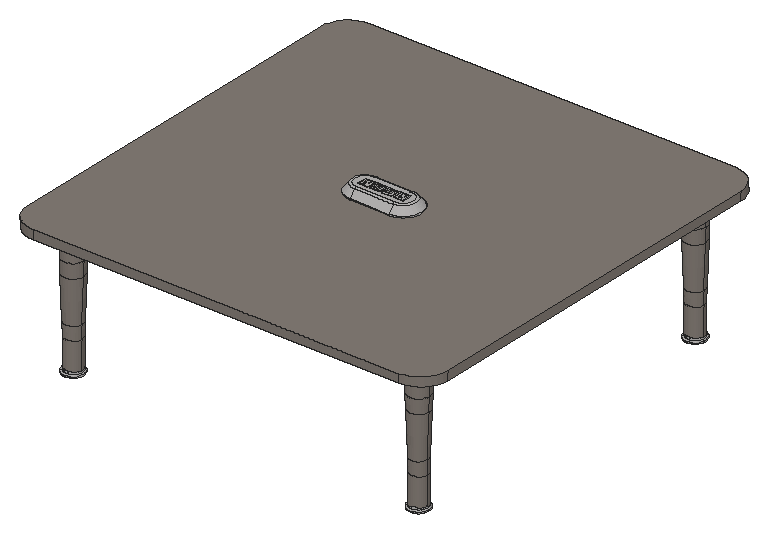
Revit family "Table-Teknion-Zones_ZNTWE-R2015", category Furniture, Revit 2015 (continued)
Definition of nested family "Support-Leg-Teknion-Zones_ZNTW_Plate-R2015"
  Automatic sketch dimensions
    Sweep 3 sketch curve to plane 1 "Center (Front/Back)" = 1.13119"
    Sweep 3 sketch curve to plane 1 "Center (Front/Back)" = 1.16919"
    Revolve 2 sketch curve to Revolve 2 sketch curve = 1.24377"  (x2)
    Revolve 1 sketch curve to level = 0"
    Revolve 1 sketch curve to Revolve 1 sketch curve = 0.14034"
    Revolve 1 sketch curve to Revolve 1 sketch curve = 0.08335"
    Revolve 1 sketch curve to Revolve 1 sketch curve = 0.11778"
    Revolve 1 sketch curve to Revolve 1 sketch curve = 0"
    Revolve 1 sketch curve to Revolve 1 sketch curve = 0.54872"
    Revolve 1 sketch curve to Revolve 1 sketch curve = 0.12228"
    Revolve 1 sketch curve to Revolve 1 sketch curve = 1.13963"
    plane 6 to Sweep 3 sketch curve = 0"
    radius of curve 1 = 1.18523"
    radius of curve 2 = 1.47501"
Definition of nested family "Accessory-Power_Pill-Teknion-Zones_ZNEP_Two_Modules-R2013"
  Parameters (values of type "2 Modules Power Pill")
    Width = 5.92"
    Warranty = "http://www.teknion.com/ca/papers/legal-canada"
    URL = "www.teknion.com"
    Sustainability Data = "http://www.teknion.com/ca/tools/assets#&asset=444deb64-fe58-4b68-981e-f75e97781df7,b4ff2d81-9f2e-437d-9659-7cffb09c31cf"
    Series = "Zones"
    SB Modules [instance] = not(SA Modules)  # no
    SA Modules [instance] = yes
    Product Page URL = "http://www.teknion.com/products/product-details?productLineId=b28c7a6e-8e7a-673b-a6c8-ff64004460c4"
    Product Line = "Zones"
    Product Documentation Link = "http://www.teknion.com/pricing/Zones/pdfs/ZNEP_ppg.pdf"
    Power Pill Finish [instance] = none
    Part Number = "ZNEP"
    Outlet Offset [instance] = if(SA Modules, 0", 1.076")  # 0"
    Model = "See Item Code"
    Manufacturer Phone = "416-661-3370"
    Manufacturer Fax = "416.661.4586"
    Manufacturer Contact Information = "http://www.teknion.com/ca/contactus"
    Manufacturer Address = "1150 Flint Road, Toronto, ON. M3J 2J5. Canada"
    Manufacturer = "Teknion"  # constant formula
    Item Code [instance] = if(SA Modules, "ZNEPSA120", "ZNEPSB120")  # "ZNEPSA120"
    Height = 2 1/8"
    Description = "Power Pill, 120in Length Of Cord"
    Depth = 3.82"
    Cap Height = 3/4"
    Auxiliary Width = 2.1"
    Assembly Code = "E2020200"
  Reference planes (in)
    plane 1 "Center F/B": y = 0
    plane 2: z = 0
    plane 3 "Center L/R": x = 0
    plane 4 "Left": x = -2.96
    plane 5 "Right": x = 2.96
    plane 6 "Back": y = 1.91
    plane 7 "Front": y = -1.91
    plane 8 "Top": z = 0.75
    plane 9 "Bottom": z = -1.375
    plane 10: x = -1.05
    plane 11: x = 1.05
    plane 12: y = 0
  Forms (in)
    Sweep 1, solid, material <- "Power Pill Finish"
      path origin (0, 0, 0) x (1, 0, 0) y (0, 0, 1)
        loop
          line (0, 0.75) -> (0, 0)
      profile origin (0, 0, 0.375) x (0, -1, 0) y (1, 0, 0)
        loop
          arc (-1.18092, -1.05) -> (0, -2.23092) -> (1.18092, -1.05) r 1.18092
          line (1.18092, -1.05) -> (1.18092, 1.05)
          arc (1.18092, 1.05) -> (0, 2.23092) -> (-1.18092, 1.05) r 1.18092
          line (-1.18092, 1.05) -> (-1.18092, -1.05)
    Sweep 2, solid, material <- "Power Pill Finish"
      path origin (0, 0, 0) x (1, 0, 0) y (0, 1, 0)
        loop
          line (1.05, 1.18092) -> (-1.05, 1.18092)
          arc (-1.05, 1.18092) -> (-2.23092, 0) -> (-1.05, -1.18092) r 1.18092
          line (-1.05, -1.18092) -> (1.05, -1.18092)
          arc (1.05, -1.18092) -> (2.23092, 0) -> (1.05, 1.18092) r 1.18092
      profile origin (0, 1.18092, 0) x (0, -1, 0) y (0, 0, 1)
        loop
          arc (0, 0.75) -> (-0.13236, 0.72083) -> (-0.23991, 0.63837) r 0.3125
          line (-0.23991, 0.63837) -> (-0.72068, 0.06542)
          arc (-0.72068, 0.06542) -> (-0.72626, 0.02299) -> (-0.69017, 0) r 0.03982
          line (-0.69017, 0) -> (0, 0) -> (0, 0.75)
    Sweep 3, void
      path origin (0, 0, 0) x (1, 0, 0) y (0, 0, 1)
        loop
          line (0, 0.75) -> (0, 0.561)
      profile origin (0, 0, 0.6555) x (0, -1, 0) y (1, 0, 0)
        loop
          arc (-0.55849, -1.20849) -> (-0.55117, -1.22617) -> (-0.53349, -1.23349) r 0.025
          line (-0.53349, -1.23349) -> (0.53349, -1.23349)
          arc (0.53349, -1.23349) -> (0.55117, -1.22617) -> (0.55849, -1.20849) r 0.025
          line (0.55849, -1.20849) -> (0.55849, -0.14151)
          arc (0.55849, -0.14151) -> (0.55117, -0.12383) -> (0.53349, -0.11651) r 0.025
          line (0.53349, -0.11651) -> (-0.53349, -0.11651)
          arc (-0.53349, -0.11651) -> (-0.55117, -0.12383) -> (-0.55849, -0.14151) r 0.025
          line (-0.55849, -0.14151) -> (-0.55849, -1.20849)
        loop
          arc (-0.55849, 0.14151) -> (-0.55117, 0.12383) -> (-0.53349, 0.11651) r 0.025
          line (-0.53349, 0.11651) -> (0.53349, 0.11651)
          arc (0.53349, 0.11651) -> (0.55117, 0.12383) -> (0.55849, 0.14151) r 0.025
          line (0.55849, 0.14151) -> (0.55849, 1.20849)
          arc (0.55849, 1.20849) -> (0.55117, 1.22617) -> (0.53349, 1.23349) r 0.025
          line (0.53349, 1.23349) -> (-0.53349, 1.23349)
          arc (-0.53349, 1.23349) -> (-0.55117, 1.22617) -> (-0.55849, 1.20849) r 0.025
          line (-0.55849, 1.20849) -> (-0.55849, 0.14151)
    Blend 4, solid, material <- "Power Pill Finish"
      base sketch origin (0, 0, 0) x (1, 0, 0) y (0, 1, 0)
        loop
          arc (-1.97872, 1.07373) -> (-2.19085, 0.98587) -> (-2.27872, 0.77373) r 0.3
          line (-2.27872, 0.77373) -> (-2.27872, -0.77373)
          arc (-2.27872, -0.77373) -> (-2.19085, -0.98586) -> (-1.97872, -1.07373) r 0.3
          line (-1.97872, -1.07373) -> (1.97874, -1.07373)
          arc (1.97874, -1.07373) -> (2.19087, -0.98586) -> (2.27874, -0.77373) r 0.3
          line (2.27874, -0.77373) -> (2.27874, 0.77373)
          arc (2.27874, 0.77373) -> (2.19087, 0.98587) -> (1.97874, 1.07373) r 0.3
          line (1.97874, 1.07373) -> (-1.97872, 1.07373)
      top sketch origin (0, 0, 0) x (1, 0, 0) y (0, 1, 0)
        loop
          arc (2.34126, 0.76777) -> (2.23348, 1.02799) -> (1.97326, 1.13577) r 0.368
          line (1.97326, 1.13577) -> (-1.97326, 1.13577)
          arc (-1.97326, 1.13577) -> (-2.23348, 1.02799) -> (-2.34126, 0.76777) r 0.368
          line (-2.34126, 0.76777) -> (-2.34126, -0.76777)
          arc (-2.34126, -0.76777) -> (-2.23348, -1.02798) -> (-1.97326, -1.13577) r 0.368
          line (-1.97326, -1.13577) -> (1.97326, -1.13577)
          arc (1.97326, -1.13577) -> (2.23348, -1.02798) -> (2.34126, -0.76777) r 0.368
          line (2.34126, -0.76777) -> (2.34126, 0.76777)
      from -1.375 to 0.43831
    Sweep 5, void
      path origin (0, 0, 0) x (0, 1, 0) y (0, 0, 1)
        loop
          line (0, -1.125) -> (0, -1.375)
      profile origin (0, 0, -1.25) x (1, 0, 0) y (0, 1, 0)
        loop
          arc (0.97001, -0.42811) -> (1.30001, -0.625) -> (1.63001, -0.42811) r 0.375
          line (1.63001, -0.42811) -> (1.63001, -0.07188)
          arc (1.63001, -0.07188) -> (1.30001, 0.125) -> (0.97001, -0.07188) r 0.375
          line (0.97001, -0.07188) -> (0.97001, -0.42811)
    Sweep 6, solid, material <- "Power Pill Finish"
      path origin (0, 0, 0) x (1, 0, 0) y (0, 0, 1)
        loop
          line (0, 0.75) -> (0, 0.561)
      profile origin (0, 0, 0.6555) x (0, -1, 0) y (1, 0, 0)
        loop
          line (-0.525, -0.18979) -> (-0.525, -1.16019)
          arc (-0.525, -1.16019) -> (-0.51329, -1.18847) -> (-0.485, -1.20019) r 0.04
          line (-0.485, -1.20019) -> (0.485, -1.20019)
          arc (0.485, -1.20019) -> (0.51328, -1.18847) -> (0.525, -1.16019) r 0.04
          line (0.525, -1.16019) -> (0.525, -0.18979)
          arc (0.525, -0.18979) -> (0.51328, -0.16151) -> (0.485, -0.14979) r 0.04
          line (0.485, -0.14979) -> (-0.485, -0.14979)
          arc (-0.485, -0.14979) -> (-0.51329, -0.16151) -> (-0.525, -0.18979) r 0.04
        loop
          line (-0.525, 1.16049) -> (-0.525, 0.18951)
          arc (-0.525, 0.18951) -> (-0.51329, 0.16122) -> (-0.485, 0.14951) r 0.04
          line (-0.485, 0.14951) -> (0.485, 0.14951)
          arc (0.485, 0.14951) -> (0.51328, 0.16122) -> (0.525, 0.18951) r 0.04
          line (0.525, 0.18951) -> (0.525, 1.16049)
          arc (0.525, 1.16049) -> (0.51328, 1.18877) -> (0.485, 1.20049) r 0.04
          line (0.485, 1.20049) -> (-0.485, 1.20049)
          arc (-0.485, 1.20049) -> (-0.51329, 1.18877) -> (-0.525, 1.16049) r 0.04
    Sweep 7, void
      path origin (0, 0, 0) x (1, 0, 0) y (0, 0, 1)
        loop
          line (0, 0.75) -> (0, 0)
      profile origin (0, 0, 0.375) x (0, -1, 0) y (1, 0, 0)
        loop
          line (-0.39914, -0.95882) -> (-0.05032, -0.95882) -> (-0.05032, -0.88677) -> (-0.39914, -0.88677) -> (-0.39914, -0.95882)
        loop
          line (-0.08969, -0.47969) -> (-0.08969, -0.40764) -> (-0.35977, -0.40764) -> (-0.35977, -0.47969) -> (-0.08969, -0.47969)
        loop
          line (0.34968, -0.57969) -> (0.24614, -0.57969)
          arc (0.24614, -0.57969) -> (0.14259, -0.68323) -> (0.24614, -0.78677) r 0.10354
          line (0.24614, -0.78677) -> (0.34968, -0.78677) -> (0.34968, -0.57969)
        loop
          line (-0.25774, 0.64664) -> (-0.25774, 0.4242) -> (0.25998, 0.4242) -> (0.25998, 0.64664) -> (-0.25774, 0.64664)
        loop
          line (-0.25774, 0.77853) -> (0.25998, 0.77853) -> (0.25998, 1.00097) -> (-0.25774, 1.00097) -> (-0.25774, 0.77853)
        loop
          line (0.67686, 0.46323) -> (0.67686, 0.39118) -> (1.02568, 0.39118) -> (1.02568, 0.46323) -> (0.67686, 0.46323)
        loop
          line (0.98631, 0.87032) -> (0.98631, 0.94236) -> (0.71623, 0.94236) -> (0.71623, 0.87032) -> (0.98631, 0.87032)
        loop
          line (1.42568, 0.56323) -> (1.42568, 0.77032) -> (1.32214, 0.77032)
          arc (1.32214, 0.77032) -> (1.21859, 0.66677) -> (1.32214, 0.56323) r 0.10354
          line (1.32214, 0.56323) -> (1.42568, 0.56323)
  Cuts and joins
    Sweep 3 cuts Sweep 1
    Sweep 3 cuts Sweep 2
    Sweep 5 cuts Blend 4
    joined: Sweep 1, Sweep 2, Blend 4
    Sweep 7 cuts Sweep 6
  Lines and regions (in)
    Masking region 1
      outline origin (0, 0, 0) x (1, 0, 0) y (0, 1, 0)
        loop
          arc (-1.05, 1.91) -> (-2.96, 0) -> (-1.05, -1.91) r 1.91
          line (-1.05, -1.91) -> (1.05, -1.91)
          arc (1.05, -1.91) -> (2.96, 0) -> (1.05, 1.91) r 1.91
          line (1.05, 1.91) -> (-1.05, 1.91)
    symbolic lines
      curve 1: line (-0.14151, 0.55849, 0) -> (-1.20849, 0.55849, 0)
      curve 2: arc (-1.20849, 0.55849, 0) -> (-1.22617, 0.55117, 0) -> (-1.23349, 0.53349, 0) r 0.025
      curve 3: line (-1.23349, 0.53349, 0) -> (-1.23349, -0.53349, 0)
      curve 4: arc (-1.23349, -0.53349, 0) -> (-1.22617, -0.55117, 0) -> (-1.20849, -0.55849, 0) r 0.025
      curve 5: line (-1.20849, -0.55849, 0) -> (-0.14151, -0.55849, 0)
      curve 6: arc (-0.14151, -0.55849, 0) -> (-0.12383, -0.55117, 0) -> (-0.11651, -0.53349, 0) r 0.025
      curve 7: line (-0.11651, -0.53349, 0) -> (-0.11651, 0.53349, 0)
      curve 8: arc (-0.11651, 0.53349, 0) -> (-0.12383, 0.55117, 0) -> (-0.14151, 0.55849, 0) r 0.025
      curve 9: line (1.20849, 0.55849, 0) -> (0.14151, 0.55849, 0)
      curve 10: arc (0.14151, 0.55849, 0) -> (0.12383, 0.55117, 0) -> (0.11651, 0.53349, 0) r 0.025
      curve 11: line (0.11651, 0.53349, 0) -> (0.11651, -0.53349, 0)
      curve 12: arc (0.11651, -0.53349, 0) -> (0.12383, -0.55117, 0) -> (0.14151, -0.55849, 0) r 0.025
      curve 13: line (0.14151, -0.55849, 0) -> (1.20849, -0.55849, 0)
      curve 14: arc (1.20849, -0.55849, 0) -> (1.22617, -0.55117, 0) -> (1.23349, -0.53349, 0) r 0.025
      curve 15: line (1.23349, -0.53349, 0) -> (1.23349, 0.53349, 0)
      curve 16: arc (1.23349, 0.53349, 0) -> (1.22617, 0.55117, 0) -> (1.20849, 0.55849, 0) r 0.025
    symbolic lines, detail levels medium+fine
      curve 17: arc (-1.05, 1.181, 0) -> (-2.231, 0, 0) -> (-1.05, -1.181, 0) r 1.181
      curve 18: line (-1.05, 1.181, 0) -> (1.05, 1.181, 0)
      curve 19: arc (1.05, 1.181, 0) -> (2.231, 0, 0) -> (1.05, -1.181, 0) r 1.181
      curve 20: line (1.05, -1.181, 0) -> (-1.05, -1.181, 0)
    symbolic lines, detail levels fine
      curve 21: line (-0.78677, -0.34968, 0.75) -> (-0.57969, -0.34968, 0.75)
      curve 22: line (-0.78677, -0.24614, 0.75) -> (-0.78677, -0.34968, 0.75)
      curve 23: arc (-0.57969, -0.24614, 0.75) -> (-0.68323, -0.14259, 0.75) -> (-0.78677, -0.24614, 0.75) r 0.10354
      curve 24: line (-0.57969, -0.34968, 0.75) -> (-0.57969, -0.24614, 0.75)
      curve 25: line (-0.47969, 0.08969, 0.75) -> (-0.40764, 0.08969, 0.75)
      curve 26: line (-0.40764, 0.08969, 0.75) -> (-0.40764, 0.35977, 0.75)
      curve 27: line (-0.47969, 0.35977, 0.75) -> (-0.47969, 0.08969, 0.75)
      curve 28: line (-0.40764, 0.35977, 0.75) -> (-0.47969, 0.35977, 0.75)
      curve 29: line (-0.95882, 0.05032, 0.75) -> (-0.88677, 0.05032, 0.75)
      curve 30: line (-0.88677, 0.05032, 0.75) -> (-0.88677, 0.39914, 0.75)
      curve 31: line (-0.95882, 0.39914, 0.75) -> (-0.95882, 0.05032, 0.75)
      curve 32: line (-0.88677, 0.39914, 0.75) -> (-0.95882, 0.39914, 0.75)
      curve 53: arc (-1.16019, 0.525, 0.75) -> (-1.18847, 0.51329, 0.75) -> (-1.20019, 0.485, 0.75) r 0.04
      curve 54: line (-0.18979, 0.525, 0.75) -> (-1.16019, 0.525, 0.75)
      curve 55: arc (-0.14979, 0.485, 0.75) -> (-0.16151, 0.51329, 0.75) -> (-0.18979, 0.525, 0.75) r 0.04
      curve 56: line (-0.14979, -0.485, 0.75) -> (-0.14979, 0.485, 0.75)
      curve 57: arc (-0.18979, -0.525, 0.75) -> (-0.16151, -0.51328, 0.75) -> (-0.14979, -0.485, 0.75) r 0.04
      curve 58: line (-1.16019, -0.525, 0.75) -> (-0.18979, -0.525, 0.75)
      curve 59: arc (-1.20019, -0.485, 0.75) -> (-1.18847, -0.51328, 0.75) -> (-1.16019, -0.525, 0.75) r 0.04
      curve 60: line (-1.20019, 0.485, 0.75) -> (-1.20019, -0.485, 0.75)
      curve 61: arc (0.18951, 0.525, 0.75) -> (0.16122, 0.51329, 0.75) -> (0.14951, 0.485, 0.75) r 0.04
      curve 62: line (1.16049, 0.525, 0.75) -> (0.18951, 0.525, 0.75)
      curve 63: arc (1.20049, 0.485, 0.75) -> (1.18877, 0.51329, 0.75) -> (1.16049, 0.525, 0.75) r 0.04
      curve 64: line (1.20049, -0.485, 0.75) -> (1.20049, 0.485, 0.75)
      curve 65: arc (1.16049, -0.525, 0.75) -> (1.18877, -0.51328, 0.75) -> (1.20049, -0.485, 0.75) r 0.04
      curve 66: line (0.18951, -0.525, 0.75) -> (1.16049, -0.525, 0.75)
      curve 67: arc (0.14951, -0.485, 0.75) -> (0.16122, -0.51328, 0.75) -> (0.18951, -0.525, 0.75) r 0.04
      curve 68: line (0.14951, 0.485, 0.75) -> (0.14951, -0.485, 0.75)
      curve 69: line (-0.14151, 0.55849, 0.75) -> (-1.20849, 0.55849, 0.75)
    symbolic lines, visible <- "SA Modules", detail levels fine
      curve 33: line (0.38665, -0.25932, 0.75) -> (0.60909, -0.25932, 0.75)
      curve 34: line (0.60909, -0.25932, 0.75) -> (0.60909, 0.25839, 0.75)
      curve 35: line (0.60909, 0.25839, 0.75) -> (0.38665, 0.25839, 0.75)
      curve 36: line (0.38665, 0.25839, 0.75) -> (0.38665, -0.25932, 0.75)
      curve 37: line (0.74098, 0.25839, 0.75) -> (0.74098, -0.25932, 0.75)
      curve 38: line (0.96342, 0.25839, 0.75) -> (0.74098, 0.25839, 0.75)
      curve 39: line (0.96342, -0.25932, 0.75) -> (0.96342, 0.25839, 0.75)
      curve 40: line (0.74098, -0.25932, 0.75) -> (0.96342, -0.25932, 0.75)
    symbolic lines, visible <- "SB Modules", detail levels fine
      curve 41: line (0.56323, -0.34968, 0.75) -> (0.77032, -0.34968, 0.75)
      curve 42: line (0.56323, -0.24614, 0.75) -> (0.56323, -0.34968, 0.75)
      curve 43: arc (0.77032, -0.24614, 0.75) -> (0.66677, -0.14259, 0.75) -> (0.56323, -0.24614, 0.75) r 0.10354
      curve 44: line (0.77032, -0.34968, 0.75) -> (0.77032, -0.24614, 0.75)
      curve 45: line (0.87032, 0.08969, 0.75) -> (0.94236, 0.08969, 0.75)
      curve 46: line (0.94236, 0.08969, 0.75) -> (0.94236, 0.35977, 0.75)
      curve 47: line (0.94236, 0.35977, 0.75) -> (0.87032, 0.35977, 0.75)
      curve 48: line (0.87032, 0.35977, 0.75) -> (0.87032, 0.08969, 0.75)
      curve 49: line (0.39118, 0.05032, 0.75) -> (0.46323, 0.05032, 0.75)
      curve 50: line (0.46323, 0.05032, 0.75) -> (0.46323, 0.39914, 0.75)
      curve 51: line (0.39118, 0.39914, 0.75) -> (0.39118, 0.05032, 0.75)
      curve 52: line (0.46323, 0.39914, 0.75) -> (0.39118, 0.39914, 0.75)
  Dimensions and locks (in)
    "Cap Height": plane 8 "Top" to plane 2
    equal spacing: plane 4 "Left", plane 3 "Center L/R", plane 5 "Right"
    "Width": plane 4 "Left" to plane 5 "Right"
    equal spacing: plane 6 "Back", plane 1 "Center F/B", plane 7 "Front"
    "Depth": plane 6 "Back" to plane 7 "Front"
    equal spacing: plane 10, plane 3 "Center L/R", plane 11
    "Auxiliary Width": plane 10 to plane 11
    equal spacing: Sweep 1 sketch curve, plane 1 "Center F/B", Sweep 1 sketch curve
    locked: Sweep 1 sketch curve to Sweep 1 sketch curve at 2.36185
    locked: plane 8 "Top" to Sweep 3 sketch curve at 0.189
    locked: plane 8 "Top" to Blend 4 at 0.31169
    locked: plane 9 "Bottom" to Sweep 5 sketch curve at 0.25
    Sweep 3 sketch curve to Sweep 3 sketch curve to plane 3 "Center L/R" to Sweep 3 sketch curve to Sweep 3 sketch curve = 1.11698" locked, 0.11651" locked, 0.11651" locked, 1.11698" locked
    Sweep 3 sketch curve to plane 1 "Center F/B" to Sweep 3 sketch curve = 0.55849" locked, 0.55849" locked
    locked: Blend 4 sketch curve to Blend 4 sketch curve at 0.3  (x4)
    Blend 4 sketch curve to Blend 4 sketch curve = 0.3"  (x4)
    locked: Blend 4 sketch curve to Blend 4 sketch curve at 0.368  (x8)
    Blend 4 sketch curve to plane 3 "Center L/R" to Blend 4 sketch curve = 2.34126" locked, 2.34126" locked
    Blend 4 sketch curve to plane 1 "Center F/B" to Blend 4 sketch curve = 1.13577" locked, 1.13577" locked
    Blend 4 sketch curve to plane 3 "Center L/R" to Blend 4 sketch curve = 2.27872" locked, 2.27874" locked
    Blend 4 sketch curve to plane 1 "Center F/B" to Blend 4 sketch curve = 1.07373" locked, 1.07373" locked
    locked: Sweep 2 sketch curve to plane 1 "Center F/B" at 1.18145
    locked: Sweep 2 sketch curve to plane 1 "Center F/B" at 1.18092
    locked: plane 6 "Back" to Sweep 2 sketch curve at 0.0389
    locked: Sweep 2 sketch curve to plane 2 at 0.03982
    locked: Sweep 5 sketch curve to plane 1 "Center F/B" at 0.25
    locked: plane 11 to Sweep 5 sketch curve at 0.25001
    Sweep 5 sketch curve to plane 11 to Sweep 5 sketch curve = 0.07999" locked, 0.58001" locked
    Sweep 5 sketch curve to Sweep 5 sketch curve to plane 1 "Center F/B" = 0.35623" locked, 0.07188" locked  (x2)
    "Height": plane 8 "Top" to plane 9 "Bottom"
    curve 20 to plane 1 "Center F/B" to curve 18 = 1.181" locked, 1.181" locked
    curve 41 to curve 40 to curve 43 to curve 23 to plane 1 "Center F/B" to curve 49 to curve 45 to curve 38 to curve 47 to curve 52 = 0.09036" locked, 0.01319" locked, 0" locked, 0.24614" locked, 0.05032" locked, 0.03937" locked, 0.1687" locked, 0.10138" locked, 0.03937" locked
    curve 31 to curve 30 to curve 22 to curve 23 to curve 24 to curve 27 to curve 26 to plane 3 "Center L/R" to curve 36 to curve 51 to curve 50 to curve 42 to curve 34 to curve 43 to curve 37 to curve 44 to curve 48 to curve 46 to curve 39 = 0.07205" locked, 0.1" locked, 0.10354" locked, 0.10354" locked, 0.1" locked, 0.07205" locked, 0.40764" locked, 0.38665" locked, 0.00453" locked, 0.07205" locked, 0.1" locked, 0.04586" locked, 0.05768" locked, 19/256" locked, 0.02933" locked, 0.1" locked, 0.07205" locked, 0.02106" locked
    locked: plane 8 "Top" to Sweep 6 sketch curve at 0.189
    Sweep 6 sketch curve to plane 1 "Center F/B" to Sweep 6 sketch curve = 0.525" locked, 0.525" locked
    Sweep 6 sketch curve to Sweep 6 sketch curve to plane 3 "Center L/R" to Sweep 6 sketch curve to Sweep 6 sketch curve = 1.05039" locked, 0.14979" locked, 0.14951" locked, 1.05098" locked
    "Outlet Offset": plane 1 "Center F/B" to plane 12
    Sweep 7 sketch curve to Sweep 7 sketch curve to Sweep 7 sketch curve to Sweep 7 sketch curve to Sweep 7 sketch curve to Sweep 7 sketch curve to Sweep 7 sketch curve to plane 3 "Center L/R" to Sweep 7 sketch curve to Sweep 7 sketch curve to Sweep 7 sketch curve to Sweep 7 sketch curve to Sweep 7 sketch curve to Sweep 7 sketch curve to Sweep 7 sketch curve to Sweep 7 sketch curve to Sweep 7 sketch curve to Sweep 7 sketch curve to Sweep 7 sketch curve = 0.07205" locked, 0.1" locked, 0.10354" locked, 0.10354" locked, 0.1" locked, 0.07205" locked, 0.40764" locked, 0.39118" locked, 0.03302" locked, 0.03903" locked, 0.1" locked, 0.08341" locked, 0.02013" locked, 0.10354" locked, 0.00822" locked, 0.09178" locked, 0.07205" locked, 15/256" locked
    Sweep 7 sketch curve to Sweep 7 sketch curve to plane 1 "Center F/B" to Sweep 7 sketch curve to Sweep 7 sketch curve to Sweep 7 sketch curve to Sweep 7 sketch curve = 0.10354" locked, 0.24614" locked, 0.05032" locked, 0.03937" locked, 0.27008" locked, 0.03937" locked
    Sweep 7 sketch curve to plane 12 to Sweep 7 sketch curve to Sweep 7 sketch curve to Sweep 7 sketch curve to Sweep 7 sketch curve to Sweep 7 sketch curve to Sweep 7 sketch curve to Sweep 7 sketch curve = 0.25774" locked, 0.25998" locked, 0.41688" locked, 0.03937" locked, 0.27008" locked, 0.03937" locked, 0.29646" locked, 0.10354" locked
    aligned and locked: level to plane 2
    aligned and locked: Sweep 1 sketch curve to plane 3 "Center L/R"
    aligned and locked: plane 8 "Top" to Sweep 1 sketch curve
    aligned and locked: plane 2 to Sweep 1 sketch curve
    aligned and locked: plane 10 to Sweep 1 sketch curve
    aligned and locked: plane 1 "Center F/B" to Sweep 1 sketch curve  (x2)
    aligned and locked: plane 11 to Sweep 1 sketch curve
    aligned and locked: Sweep 2 sketch curve to Sweep 1  (x2)
    aligned and locked: Sweep 2 sketch curve to plane 2
    aligned and locked: Sweep 3 sketch curve to plane 3 "Center L/R"
    aligned and locked: plane 8 "Top" to Sweep 3 sketch curve
    aligned and locked: plane 9 "Bottom" to Blend 4
    aligned and locked: plane 9 "Bottom" to Sweep 5 sketch curve
    aligned and locked: Sweep 5 sketch curve to plane 1 "Center F/B"
    aligned and locked: Masking region 1 sketch curve to plane 6 "Back"
    aligned and locked: Masking region 1 sketch curve to plane 7 "Front"
    aligned and locked: plane 10 to Masking region 1 sketch curve
    aligned and locked: plane 1 "Center F/B" to Masking region 1 sketch curve  (x2)
    aligned and locked: plane 11 to Masking region 1 sketch curve
    aligned and locked: curve 2 to cut or joined group of Sweep 1, Sweep 2, Sweep 3, Blend 4, Sweep 5
    aligned and locked: curve 4 to cut or joined group of Sweep 1, Sweep 2, Sweep 3, Blend 4, Sweep 5
    aligned and locked: curve 6 to cut or joined group of Sweep 1, Sweep 2, Sweep 3, Blend 4, Sweep 5
    aligned and locked: curve 8 to cut or joined group of Sweep 1, Sweep 2, Sweep 3, Blend 4, Sweep 5
    aligned and locked: curve 10 to cut or joined group of Sweep 1, Sweep 2, Sweep 3, Blend 4, Sweep 5
    aligned and locked: curve 12 to cut or joined group of Sweep 1, Sweep 2, Sweep 3, Blend 4, Sweep 5
    aligned and locked: curve 14 to cut or joined group of Sweep 1, Sweep 2, Sweep 3, Blend 4, Sweep 5
    aligned and locked: curve 16 to cut or joined group of Sweep 1, Sweep 2, Sweep 3, Blend 4, Sweep 5
    aligned and locked: plane 10 to curve 17
    aligned and locked: plane 11 to curve 19
    aligned and locked: plane 1 "Center F/B" to curve 19
    aligned and locked: plane 1 "Center F/B" to curve 17
    aligned and locked: curve 52 to curve 32
    aligned and locked: curve 29 to curve 49
    aligned and locked: curve 47 to curve 28
    aligned and locked: curve 25 to curve 45
    aligned and locked: curve 21 to curve 41
    aligned and locked: curve 38 to curve 35
    aligned and locked: curve 33 to curve 40
    aligned and locked: Sweep 6 sketch curve to plane 3 "Center L/R"
    aligned and locked: plane 8 "Top" to Sweep 6 sketch curve
    aligned and locked: Sweep 6 sketch curve to Sweep 6 sketch curve  (x2)
    aligned and locked: plane 2 to Sweep 7 sketch curve
    aligned and locked: plane 8 "Top" to Sweep 7 sketch curve
    aligned and locked: Sweep 7 sketch curve to plane 3 "Center L/R"
    aligned and locked: Sweep 7 sketch curve to Sweep 7 sketch curve  (x2)
    aligned and locked: curve 53 to cut or joined group of Sweep 6, Sweep 7
    aligned and locked: curve 55 to cut or joined group of Sweep 6, Sweep 7
    aligned and locked: curve 57 to cut or joined group of Sweep 6, Sweep 7
    aligned and locked: curve 59 to cut or joined group of Sweep 6, Sweep 7
    aligned and locked: curve 61 to cut or joined group of Sweep 6, Sweep 7
    aligned and locked: curve 63 to cut or joined group of Sweep 6, Sweep 7
    aligned and locked: curve 65 to cut or joined group of Sweep 6, Sweep 7
    aligned and locked: curve 67 to cut or joined group of Sweep 6, Sweep 7
  Automatic sketch dimensions
    Sweep 3 sketch curve to Sweep 3 sketch curve = 0.025"  (x6)
    plane 1 "Center F/B" to Sweep 3 sketch curve = 0.53349"
    Sweep 3 sketch curve to Sweep 3 sketch curve = 0"
    Sweep 3 sketch curve to plane 1 "Center F/B" = 0.55849"
    Sweep 3 sketch curve to profile plane = 0.14151"
    Sweep 2 sketch curve to Sweep 2 sketch curve = 0.0305"
    profile plane to Sweep 2 sketch curve = 0.23991"
    level to Sweep 2 sketch curve = 7/16"
    Sweep 2 sketch curve to Sweep 2 sketch curve = 0.20087"
    Sweep 5 sketch curve to Sweep 5 sketch curve = 0"
    plane 1 "Center F/B" to Sweep 6 sketch curve = 0.485"  (x2)
    Sweep 6 sketch curve to Sweep 6 sketch curve = 0.04"  (x5)
    Sweep 6 sketch curve to Sweep 6 sketch curve = 0"
Types (4): name | With Power Pill 2 Modules | Width | Voltage | Power Pill Two Power Two USB Modules | Model | With Power Pill 4 Modules | Description | Depth | Connector Description
  Table 42" | no | 42" | 0 V | no | "ZNTWE42N" | no | "Square Lounge Workshop Table, 42\"d, without Cut-Out" | 42" | "Without Power Connector"
  Table 42", with Power Pill | yes | 42" | 120 V | yes | "ZNTWE42P" | no | "Square Lounge Workshop Table, 42\"d, with Center Pill Cut-Out" | 42" | "With Power Connector"
  Table 48" | no | 48" | 0 V | no | "ZNTWE48N" | no | "Square Lounge Workshop Table, 48\"d, without Cut-Out" | 48" | "Without Power Connector"
  Table 48", with Power Pill | no | 48" | 120 V | yes | "ZNTWE48P" | yes | "Square Lounge Workshop Table, 48\"d, with Center Pill Cut-Out" | 48" | "With Power Connector"
